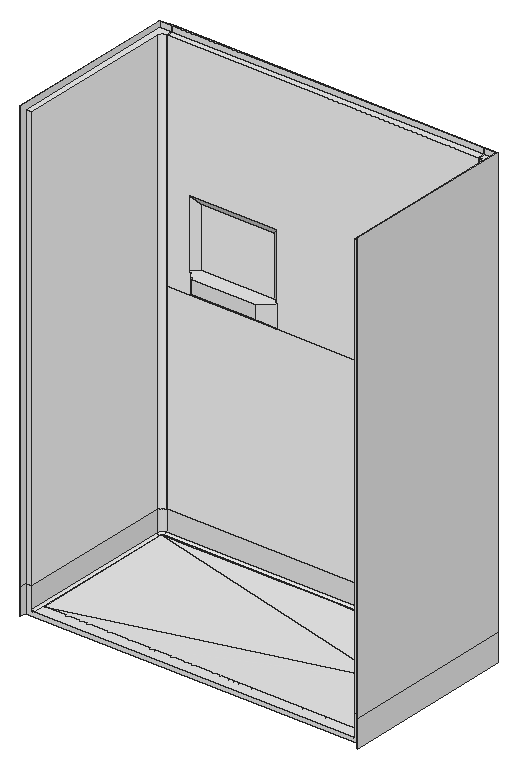
Revit family "5LBS6030E75B,E2B", category Plumbing Fixtures, Revit 2014
Parameters (values of type "5LBS6030E75B")
  Unit Width = 60"
  Unit Height = 81 1/4"
  URL = "http://www.best-bath.com/"
  Type Comments = "Barrier Free"
  Threshold Height = 3/4"
  Model = "5LBS6030E75B"
  Material [instance] = Best Bath Gelcoat Fiberglass - Smooth
  Manufacturer = "Best Bath Systems, Inc."
  Keynote = "22 40 00.B3"
  Description = "4 x 8 Subway Tile, Beveled Threshold"
  Assembly Code = "D2010710"
Types (3): name | Unit Height | Threshold Height | Model | Material
  (no name) | 81 1/4" | 3/4" | "5LBS6030E75B" | Best Bath Gelcoat Fiberglass - Smooth
  5LBS6030E75B | 81 1/4" | 3/4" | "5LBS6030E75B" | Best Bath Gelcoat Fiberglass - Smooth
  5LBS6030E2B | 82 1/2" | 2" | "5LBS6030E2B" | Best Bath Gelcoat Fiberglass - RealTile
Reference planes (in)
  plane 1: z = 0
  plane 2 "Left": x = 0
  plane 3: z = 80.25
  plane 4: z = 81.25
  plane 5: y = 6.36165
  plane 6: y = 36.36165
  plane 7: x = 60
  plane 8: y = 35.11165
  plane 9: y = 22.36165
  plane 10: z = 0.375
  plane 11: z = 0.75
  plane 12: z = 40.25
  plane 13: z = 4.75
  plane 14: y = 5.36165
  plane 15: z = 44.25
  plane 16: x = 30
Forms (in)
  Extrusion 1, solid, material "Best Bath Gelcoat Fiberglass - Smooth"
    sketch origin (0, 0, 0) x (1, 0, 0) y (0, 1, 0)
      loop
        line (0, 6.36165) -> (60, 6.36165) -> (60, 36.36165) -> (0, 36.36165) -> (0, 6.36165)
      loop
        circle (51.5, 22.36165) r 2.125
    from 0 to 0.75
  Extrusion 2, solid, material "Best Bath Gelcoat Fiberglass - Smooth" <- "Material"
    sketch origin (0, 0, 0) x (1, 0, 0) y (0, 1, 0)
      loop
        line (2.25, 36.36165) -> (2.25, 35.11165) -> (57.75, 35.11165) -> (57.75, 36.36165) -> (2.25, 36.36165)
    from 4.75 to 40.25
  Blend 3, void
    base sketch origin (0, 0, 0) x (1, 0, 0) y (0, 1, 0)
      loop
        line (1.875, 8.36165) -> (58.125, 8.36165) -> (58.125, 34.48665) -> (1.875, 34.48665) -> (1.875, 8.36165)
    top sketch origin (0, 0, 0) x (1, 0, 0) y (0, 1, 0)
      loop
        circle (51.5, 22.36165) r 0.07952
    from 0.75 to 0.375
  Extrusion 4, solid, material "Best Bath Gelcoat Fiberglass - Smooth" <- "Material"
    sketch origin (0, 0, 0) x (1, 0, 0) y (0, 1, 0)
      loop
        line (2.25, 36.36165) -> (2.25, 35.11165) -> (57.75, 35.11165) -> (57.75, 36.36165) -> (2.25, 36.36165)
    from 40.25 to 80.25
  Extrusion 5, solid, material "Best Bath Gelcoat Fiberglass - Smooth"
    sketch origin (0.25, 0, 0) x (1, 0, 0) y (0, 1, 0)
      loop
        line (-0.25, 6.36165) -> (1, 6.36165) -> (1, 34.11165)
        arc (1, 34.11165) -> (1.29289, 34.81875) -> (2, 35.11165) r 1
        line (2, 35.11165) -> (2, 36.36165) -> (-0.25, 36.36165) -> (-0.25, 6.36165)
      loop
        line (59.75, 6.36165) -> (59.75, 36.36165) -> (57.5, 36.36165) -> (57.5, 35.11165)
        arc (57.5, 35.11165) -> (58.20711, 34.81875) -> (58.5, 34.11165) r 1
        line (58.5, 34.11165) -> (58.5, 6.36165) -> (59.75, 6.36165)
    from 4.75 to 80.25
  Extrusion 6, solid, material "Best Bath Gelcoat Fiberglass - Smooth"
    sketch origin (0, 0, 0) x (1, 0, 0) y (0, 1, 0)
      loop
        line (0, 36.36165) -> (0, 6.36165) -> (1.25, 6.36165) -> (1.25, 34.11165)
        arc (1.25, 34.11165) -> (1.54289, 34.81875) -> (2.25, 35.11165) r 1
        line (2.25, 35.11165) -> (57.75, 35.11165)
        arc (57.75, 35.11165) -> (58.45711, 34.81875) -> (58.75, 34.11165) r 1
        line (58.75, 34.11165) -> (58.75, 6.36165) -> (60, 6.36165) -> (60, 35.11165) -> (60, 36.36165) -> (0, 36.36165)
    from 0 to 4.75
  Sweep 7, solid, material "Best Bath Gelcoat Fiberglass - Smooth"
    path origin (0, 0, 0) x (1, 0, 0) y (0, 1, 0)
      loop
        line (1.25, 6.36165) -> (1.25, 34.11165)
        arc (1.25, 34.11165) -> (1.54289, 34.81875) -> (2.25, 35.11165) r 1
        line (2.25, 35.11165) -> (57.75, 35.11165)
        arc (57.75, 35.11165) -> (58.45711, 34.81875) -> (58.75, 34.11165) r 1
        line (58.75, 34.11165) -> (58.75, 6.36165)
    profile origin (1.25, 20.23665, 0) x (-1, 0, 0) y (0, 0, 1)
      loop
        line (0, 0.75) -> (0, 1.125)
        arc (0, 1.125) -> (-0.10983, 0.85983) -> (-0.375, 0.75) r 0.375
        line (-0.375, 0.75) -> (0, 0.75)
  Extrusion 8, solid, material "Best Bath Gelcoat Fiberglass - Smooth"
    sketch origin (0, 0, 0) x (1, 0, 0) y (0, 1, 0)
      loop
        line (0, 5.36165) -> (0.125, 5.36165) -> (0.125, 6.36165) -> (0, 6.36165) -> (0, 5.36165)
      loop
        line (60, 5.36165) -> (60, 6.36165) -> (59.875, 6.36165) -> (59.875, 5.36165) -> (60, 5.36165)
    from 0 to 4.75
  Extrusion 9, solid, material "Best Bath Gelcoat Fiberglass - Smooth" <- "Material"
    sketch origin (0, 0, 0) x (1, 0, 0) y (0, 1, 0)
      loop
        line (2.25, 36.36165) -> (2.25, 36.23665) -> (57.75, 36.23665) -> (57.75, 36.36165) -> (2.25, 36.36165)
    from 80.25 to 81.25
  Extrusion 10, solid, material "Best Bath Gelcoat Fiberglass - Smooth"
    sketch origin (0, 0, 0) x (1, 0, 0) y (0, 1, 0)
      loop
        line (0.125, 5.36165) -> (0.125, 36.23665) -> (2.25, 36.23665) -> (2.25, 36.36165) -> (0, 36.36165) -> (0, 5.36165) -> (0.125, 5.36165)
      loop
        line (59.875, 5.36165) -> (60, 5.36165) -> (60, 36.36165) -> (57.75, 36.36165) -> (57.75, 36.23665) -> (59.875, 36.23665) -> (59.875, 5.36165)
    from 4.75 to 81.25
  Blend 11, solid, material "Best Bath Gelcoat Fiberglass - Smooth" <- "Material"
    base sketch origin (1.5, -39, 0) x (1, 0, 0) y (0, 0, 1)
      loop
        line (52.25, 44.25) -> (36.75, 44.25) -> (36.75, 40.25) -> (52.25, 40.25) -> (52.25, 44.25)
    top sketch origin (1.5, -39, 0) x (1, 0, 0) y (0, 0, 1)
      loop
        line (38.75, 44.25) -> (38.75, 41.875) -> (50.25, 41.875) -> (50.25, 44.25) -> (38.75, 44.25)
    from -74.11165 to -72.11165
  Blend 12, void
    base sketch origin (1.5, -38.5, 0) x (1, 0, 0) y (0, 0, 1)
      loop
        line (36.75, 44.25) -> (52.25, 44.25) -> (52.25, 56) -> (36.75, 56) -> (36.75, 44.25)
    top sketch origin (1.5, -38.5, 0) x (1, 0, 0) y (0, 0, 1)
      loop
        line (38, 44.25) -> (51, 44.25) -> (51, 54.75) -> (38, 54.75) -> (38, 44.25)
    from -73.61165 to -74.61165
  Blend 13, solid, material "Best Bath Gelcoat Fiberglass - Smooth" <- "Material"
    base sketch origin (58.5, -39, 0) x (-1, 0, 0) y (0, 0, -1)
      loop
        line (52.25, -44.25) -> (52.25, -40.25) -> (36.75, -40.25) -> (36.75, -44.25) -> (52.25, -44.25)
    top sketch origin (58.5, -39, 0) x (-1, 0, 0) y (0, 0, -1)
      loop
        line (38.75, -44.25) -> (50.25, -44.25) -> (50.25, -41.875) -> (38.75, -41.875) -> (38.75, -44.25)
    from -74.11165 to -72.11165
  Blend 14, void
    base sketch origin (58.5, -38.5, 0) x (-1, 0, 0) y (0, 0, -1)
      loop
        line (36.75, -44.25) -> (36.75, -56) -> (52.25, -56) -> (52.25, -44.25) -> (36.75, -44.25)
    top sketch origin (58.5, -38.5, 0) x (-1, 0, 0) y (0, 0, -1)
      loop
        line (38, -44.25) -> (38, -54.75) -> (51, -54.75) -> (51, -44.25) -> (38, -44.25)
    from -73.61165 to -74.61165
Cuts and joins
  Blend 3 cuts Extrusion 1
  joined: Extrusion 1, Extrusion 6, Sweep 7, Extrusion 8
  Blend 12, Blend 14 cuts Extrusion 4
  Blend 14 cuts Extrusion 9
  Blend 14 cuts Blend 11
  joined: Extrusion 4, Extrusion 9, Blend 11, Blend 13
  joined: Extrusion 5, Extrusion 10
Dimensions and locks (in)
  locked: plane 4 to plane 3 at 1
  "Unit Height": plane 4 to level
  plane 2 "Left" to plane 7 = 60"
  "Unit Width": plane 2 "Left" to plane 7
  locked: plane 6 to plane 8 at 1.25
  locked: plane 6 to plane 9 at 14
  "Threshold Height": plane 11 to level
  locked: plane 11 to plane 10 at 0.375
  locked: plane 12 to plane 13 at 35.5
  locked: plane 13 to plane 11 at 4
  locked: plane 5 to plane 14 at 1
  locked: plane 6 to plane 14 at 31
  locked: plane 15 to plane 12 at 4
  aligned and locked: level to plane 1
  aligned and locked: Extrusion 1 sketch curve to plane 5
  aligned and locked: Extrusion 1 sketch curve to plane 2 "Left"
  aligned and locked: plane 6 to Extrusion 1 sketch curve
  aligned and locked: Extrusion 1 sketch curve to plane 7
  aligned and locked: plane 9 to Extrusion 1 sketch curve
  aligned and locked: plane 11 to Extrusion 1
  aligned and locked: plane 9 to Blend 3 sketch curve
  aligned and locked: Extrusion 1 to Blend 3
  aligned and locked: Blend 3 to plane 10
  aligned and locked: plane 12 to Extrusion 2
  aligned and locked: Extrusion 4 to Extrusion 2
  aligned and locked: plane 3 to Extrusion 4
  aligned and locked: plane 3 to Extrusion 5
  aligned and locked: plane 13 to Extrusion 6
  aligned and locked: Extrusion 5 to plane 13
  aligned and locked: Extrusion 2 to plane 13
  aligned and locked: Sweep 7 sketch curve to plane 11
  aligned and locked: Extrusion 8 to Extrusion 2
  aligned and locked: Extrusion 9 to plane 3
  aligned and locked: plane 4 to Extrusion 9
  aligned and locked: Extrusion 10 to Extrusion 2
  aligned and locked: plane 4 to Extrusion 10
Automatic sketch dimensions
  plane 7 to Extrusion 1 sketch curve = 8 1/2"
  Extrusion 2 sketch curve to plane 8 = 0"
  Extrusion 2 sketch curve to plane 6 = 0"
  plane 2 "Left" to Extrusion 2 sketch curve = 2 1/4"
  plane 7 to Extrusion 2 sketch curve = 2 1/4"
  Blend 3 sketch curve to plane 8 = 5/8"
  plane 2 "Left" to Blend 3 sketch curve = 1 7/8"
  plane 7 to Blend 3 sketch curve = 1 7/8"
  plane 5 to Blend 3 sketch curve = 2"
  plane 7 to Blend 3 sketch curve = 8 1/2"
  Extrusion 4 sketch curve to plane 8 = 0"
  Extrusion 4 sketch curve to plane 6 = 0"
  plane 2 "Left" to Extrusion 4 sketch curve = 2 1/4"
  plane 7 to Extrusion 4 sketch curve = 2 1/4"
  Extrusion 5 sketch curve to plane 2 "Left" = 0"
  Extrusion 5 sketch curve to plane 5 = 0"  (x2)
  Extrusion 5 sketch curve to plane 6 = 0"  (x2)
  Extrusion 5 sketch curve to plane 8 = 0"  (x2)
  Extrusion 5 sketch curve to plane 7 = 0"
  Extrusion 5 sketch curve to Extrusion 5 sketch curve = 1 1/4"
  Extrusion 5 sketch curve to Extrusion 5 sketch curve = 1"
  plane 7 to Extrusion 5 sketch curve = 2 1/4"
  plane 7 to Extrusion 5 sketch curve = 1 1/4"
  Extrusion 6 sketch curve to plane 2 "Left" = 0"
  Extrusion 6 sketch curve to plane 5 = 0"  (x2)
  Extrusion 6 sketch curve to plane 8 = 0"  (x2)
  Extrusion 6 sketch curve to plane 7 = 0"
  Extrusion 6 sketch curve to plane 6 = 0"
  Extrusion 6 sketch curve to Extrusion 6 sketch curve = 1 1/4"
  Extrusion 6 sketch curve to Extrusion 6 sketch curve = 1"
  Extrusion 6 sketch curve to plane 8 = 1"
  plane 7 to Extrusion 6 sketch curve = 2 1/4"
  Sweep 7 sketch curve to plane 5 = 0"  (x2)
  Sweep 7 sketch curve to plane 8 = 0"
  plane 2 "Left" to Sweep 7 sketch curve = 1 1/4"
  Sweep 7 sketch curve to Sweep 7 sketch curve = 1"
  Sweep 7 sketch curve to plane 8 = 1"
  plane 7 to Sweep 7 sketch curve = 2 1/4"
  Sweep 7 sketch curve to profile plane = 0"
  profile plane to Sweep 7 sketch curve = 3/8"
  Extrusion 8 sketch curve to plane 2 "Left" = 0"
  Extrusion 8 sketch curve to plane 5 = 0"  (x2)
  Extrusion 8 sketch curve to plane 14 = 0"  (x2)
  Extrusion 8 sketch curve to plane 7 = 0"
  plane 2 "Left" to Extrusion 8 sketch curve = 1/8"
  plane 7 to Extrusion 8 sketch curve = 1/8"
  Extrusion 9 sketch curve to plane 6 = 0"
  Extrusion 9 sketch curve to plane 6 = 1/8"
  plane 2 "Left" to Extrusion 9 sketch curve = 2 1/4"
  plane 7 to Extrusion 9 sketch curve = 2 1/4"
  Extrusion 10 sketch curve to plane 2 "Left" = 0"
  Extrusion 10 sketch curve to plane 14 = 0"  (x2)
  Extrusion 10 sketch curve to plane 6 = 0"  (x2)
  Extrusion 10 sketch curve to plane 7 = 0"
  plane 2 "Left" to Extrusion 10 sketch curve = 1/8"
  Extrusion 10 sketch curve to plane 6 = 1/8"  (x2)
  Extrusion 10 sketch curve to Extrusion 10 sketch curve = 2 1/8"
  plane 7 to Extrusion 10 sketch curve = 2 1/4"
  plane 7 to Extrusion 10 sketch curve = 1/8"
  Blend 11 sketch curve to plane 15 = 0"  (x2)
  Blend 11 sketch curve to plane 12 = 0"
  plane 16 to Blend 11 sketch curve = 8 1/4"
  plane 7 to Blend 11 sketch curve = 6 1/4"
  plane 12 to Blend 11 sketch curve = 1 5/8"
  plane 16 to Blend 11 sketch curve = 10 1/4"
  plane 7 to Blend 11 sketch curve = 8 1/4"
  Blend 12 sketch curve to plane 15 = 0"  (x2)
  plane 16 to Blend 12 sketch curve = 8 1/4"
  plane 7 to Blend 12 sketch curve = 6 1/4"
  plane 15 to Blend 12 sketch curve = 11 3/4"
  plane 16 to Blend 12 sketch curve = 9 1/2"
  plane 7 to Blend 12 sketch curve = 7 1/2"
  plane 15 to Blend 12 sketch curve = 10 1/2"
  Blend 13 sketch curve to plane 15 = 0"  (x2)
  Blend 13 sketch curve to plane 12 = 0"
  Blend 13 sketch curve to plane 16 = 8 1/4"
  plane 2 "Left" to Blend 13 sketch curve = 6 1/4"
  plane 12 to Blend 13 sketch curve = 1 5/8"
  Blend 13 sketch curve to plane 16 = 10 1/4"
  plane 2 "Left" to Blend 13 sketch curve = 8 1/4"
  Blend 14 sketch curve to plane 15 = 0"  (x2)
  Blend 14 sketch curve to plane 16 = 8 1/4"
  plane 2 "Left" to Blend 14 sketch curve = 6 1/4"
  plane 15 to Blend 14 sketch curve = 11 3/4"
  Blend 14 sketch curve to plane 16 = 9 1/2"
  plane 2 "Left" to Blend 14 sketch curve = 7 1/2"
  plane 15 to Blend 14 sketch curve = 10 1/2"
  radius of Extrusion 1 sketch curve = 2 1/8"
  radius of Blend 3 sketch curve = 0.07952"
